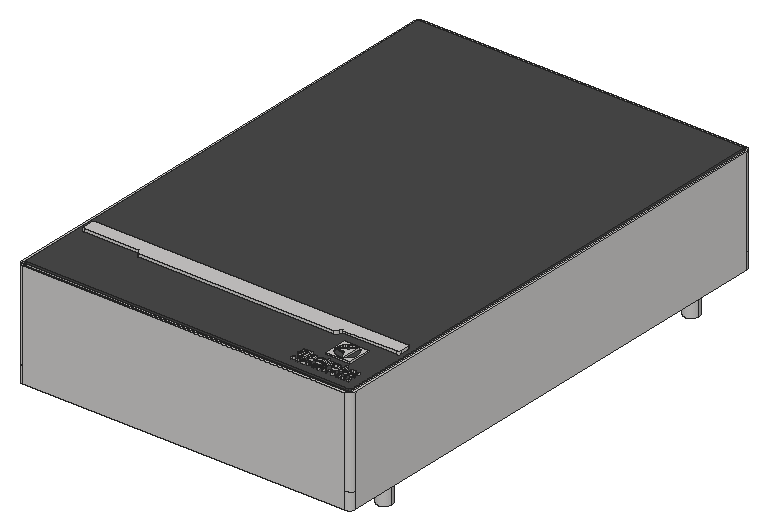
Revit family "QF_ELECTROLUXPROFESSIONAL_600883_E1HDDEOMCT", category Specialty Equipment, Revit 2018 (continued)
Definition of nested family "ELX_Logo_Professional"
  Forms (mm)
    Extrusion 2, solid
      sketch origin (-144.622, -1081.55, 0) x (-1, 0, 0) y (0, -1, 0)
        loop
          line (-146.239, -1091.065) -> (-145.452, -1092.432) -> (-144.488, -1093.693) -> (-143.367, -1094.833) -> (-142.111, -1095.838) -> (-140.741, -1096.693) -> (-139.278, -1097.383) -> (-137.743, -1097.894) -> (-136.157, -1098.211) -> (-134.541, -1098.32) -> (-131.822, -1098.32) -> (-131.976, -1096.81) -> (-132.312, -1095.353) -> (-132.818, -1093.961) -> (-133.481, -1092.644) -> (-134.291, -1091.416) -> (-135.235, -1090.288) -> (-136.302, -1089.272) -> (-137.48, -1088.379) -> (-138.757, -1087.622) -> (-140.121, -1087.012) -> (-141.56, -1086.561) -> (-143.063, -1086.281) -> (-144.633, -1086.183)
          arc (-144.633, -1086.183) -> (-145.985, -1086.264) -> (-147.323, -1086.473) r 14.39
        loop
          line (-111.329, -1069.559) -> (-111.329, -1071.073) -> (-116.048, -1071.073) -> (-116.048, -1072.896) -> (-111.328, -1072.896) -> (-111.328, -1075.549) -> (-116.349, -1075.549) -> (-116.349, -1077.368) -> (-109.396, -1077.368) -> (-109.396, -1073.46) -> (-109.396, -1069.659)
          arc (-109.396, -1069.659) -> (-110.425, -1067.175) -> (-112.909, -1066.146) r 3.513
          line (-112.909, -1066.146) -> (-116.483, -1066.146) -> (-116.483, -1067.963) -> (-112.925, -1067.963)
          arc (-112.925, -1067.963) -> (-111.797, -1068.431) -> (-111.329, -1069.559) r 1.596
        loop
          line (-119.79, -1077.358) -> (-117.856, -1077.358) -> (-117.856, -1072.053) -> (-117.856, -1066.132) -> (-119.79, -1066.132) -> (-119.79, -1072.092) -> (-119.79, -1077.358)
        loop
          line (-122.986, -1069.718) -> (-129.327, -1069.718)
          arc (-129.327, -1069.718) -> (-129.219, -1071.449) -> (-128.497, -1073.026) r 4.757
          arc (-128.497, -1073.026) -> (-125.237, -1074.5) -> (-121.978, -1073.026) r 4.34
          arc (-121.978, -1073.026) -> (-121.072, -1070.207) -> (-121.978, -1067.388) r 4.838
          arc (-121.978, -1067.388) -> (-125.393, -1065.933) -> (-128.809, -1067.388) r 4.737
          line (-128.809, -1067.388) -> (-127.645, -1068.52)
          arc (-127.645, -1068.52) -> (-125.509, -1067.576) -> (-123.374, -1068.52) r 2.888
          arc (-123.374, -1068.52) -> (-123.05, -1069.077) -> (-122.986, -1069.718) r 1.527
        loop
          arc (-127.386, -1071.076) -> (-126.67, -1072.331) -> (-125.331, -1072.872) r 2.201
          arc (-125.331, -1072.872) -> (-123.848, -1072.402) -> (-123.033, -1071.076) r 2.23
          line (-123.033, -1071.076) -> (-127.386, -1071.076)
        loop
          line (-136.862, -1071.886) -> (-138.059, -1073.132)
          arc (-138.059, -1073.132) -> (-130.327, -1070.219) -> (-138.059, -1067.306) r 4.415
          line (-138.059, -1067.306) -> (-136.862, -1068.553)
          arc (-136.862, -1068.553) -> (-132.252, -1070.22) -> (-136.862, -1071.886) r 2.606
        loop
          line (-141.192, -1069.673) -> (-141.192, -1072.494) -> (-142.951, -1072.494) -> (-142.951, -1074.25) -> (-141.195, -1074.25) -> (-141.195, -1077.358) -> (-139.262, -1077.358) -> (-139.262, -1073.332) -> (-139.262, -1069.514)
          arc (-139.262, -1069.514) -> (-140.299, -1066.92) -> (-142.98, -1066.132) r 3.196
          line (-142.98, -1066.132) -> (-142.987, -1067.949)
          arc (-142.987, -1067.949) -> (-141.652, -1068.356) -> (-141.192, -1069.673) r 1.542
        loop
          line (-146.494, -1073.042) -> (-146.494, -1074.25) -> (-144.576, -1074.25) -> (-144.576, -1070.271) -> (-144.576, -1066.132) -> (-146.494, -1066.132) -> (-146.494, -1070.401)
          arc (-146.494, -1070.401) -> (-147.446, -1072.228) -> (-149.489, -1072.494) r 2.229
          line (-149.489, -1072.494) -> (-149.489, -1074.362)
          arc (-149.489, -1074.362) -> (-147.761, -1074.226) -> (-146.494, -1073.042) r 2.627
        loop
          line (-159.833, -1072.246) -> (-159.833, -1066.131) -> (-161.767, -1066.131) -> (-161.767, -1072.17) -> (-161.767, -1077.359) -> (-159.833, -1077.359) -> (-159.833, -1072.246)
        loop
          line (-165.194, -1069.514) -> (-165.194, -1074.25) -> (-163.245, -1074.25) -> (-163.245, -1071.898) -> (-163.245, -1069.098)
          arc (-163.245, -1069.098) -> (-166.96, -1065.769) -> (-170.687, -1069.085) r 3.745
          line (-170.687, -1069.085) -> (-170.687, -1071.898) -> (-170.687, -1074.25) -> (-168.739, -1074.25) -> (-168.739, -1069.514)
          arc (-168.739, -1069.514) -> (-166.967, -1067.742) -> (-165.194, -1069.514) r 1.772
        loop
          line (-174.654, -1070.416) -> (-172.975, -1068.078) -> (-171.578, -1066.131) -> (-173.656, -1066.131) -> (-175.717, -1068.999) -> (-177.779, -1066.131) -> (-179.857, -1066.131) -> (-178, -1068.728) -> (-176.781, -1070.433) -> (-178.29, -1072.488) -> (-179.583, -1074.25) -> (-177.473, -1074.25) -> (-175.717, -1071.818) -> (-173.945, -1074.25) -> (-171.852, -1074.25) -> (-173.052, -1072.608) -> (-174.654, -1070.416)
        loop
          circle (-154.223, -1070.188) r 2.508
        loop
          circle (-154.223, -1070.188) r 4.42
        loop
          line (-110.224, -1058.542) -> (-111.194, -1058.542)
          arc (-111.194, -1058.542) -> (-112.217, -1059.95) -> (-110.924, -1061.114) r 1.3
          line (-110.924, -1061.114) -> (-109.424, -1061.114) -> (-109.424, -1057.223) -> (-110.224, -1057.223) -> (-110.224, -1058.542)
        loop
          line (-110.224, -1060.379) -> (-110.224, -1059.293) -> (-111.03, -1059.293)
          arc (-111.03, -1059.293) -> (-111.43, -1059.836) -> (-111.03, -1060.379) r 0.569
          line (-111.03, -1060.379) -> (-110.224, -1060.379)
        loop
          line (-116.302, -1058.564) -> (-117.128, -1058.564) -> (-117.934, -1057.223) -> (-118.841, -1057.223) -> (-117.833, -1058.884)
          arc (-117.833, -1058.884) -> (-118.214, -1060.282) -> (-117.028, -1061.114) r 1.26
          line (-117.028, -1061.114) -> (-115.503, -1061.114) -> (-115.503, -1057.223) -> (-116.302, -1057.223) -> (-116.302, -1058.564)
        loop
          line (-116.302, -1060.379) -> (-116.302, -1059.293) -> (-117.109, -1059.293)
          arc (-117.109, -1059.293) -> (-117.508, -1059.836) -> (-117.109, -1060.379) r 0.569
          line (-117.109, -1060.379) -> (-116.302, -1060.379)
        loop
          line (-128.923, -1057.223) -> (-129.723, -1057.223) -> (-129.723, -1058.714) -> (-131.187, -1058.714) -> (-131.187, -1059.514) -> (-129.723, -1059.514) -> (-129.723, -1060.314) -> (-131.327, -1060.314) -> (-131.327, -1061.114) -> (-128.923, -1061.114) -> (-128.923, -1057.223)
        loop
          arc (-134.628, -1058.469) -> (-134.992, -1057.588) -> (-135.874, -1057.223) r 1.246
          line (-135.874, -1057.223) -> (-137.13, -1057.223) -> (-137.13, -1058.023) -> (-135.969, -1058.023)
          arc (-135.969, -1058.023) -> (-135.53, -1058.237) -> (-135.427, -1058.714) r 0.558
          line (-135.427, -1058.714) -> (-136.984, -1058.714) -> (-136.984, -1059.514) -> (-135.427, -1059.514) -> (-135.427, -1060.314) -> (-137.092, -1060.314) -> (-137.092, -1061.114) -> (-134.628, -1061.114) -> (-134.628, -1058.469)
        loop
          line (-152.3, -1057.223) -> (-153.1, -1057.223) -> (-153.1, -1061.114) -> (-152.3, -1061.114) -> (-152.3, -1057.223)
        loop
          line (-164.67, -1057.223) -> (-164.67, -1059.67) -> (-166.45, -1057.223) -> (-167.25, -1057.223) -> (-167.25, -1061.114) -> (-166.42, -1061.114) -> (-166.42, -1058.594) -> (-164.64, -1061.114) -> (-163.84, -1061.114) -> (-163.84, -1057.223) -> (-164.67, -1057.223)
        loop
          line (-170.403, -1057.223) -> (-171.262, -1057.223) -> (-171.641, -1058.063) -> (-173.08, -1058.063) -> (-173.459, -1057.223) -> (-174.317, -1057.223) -> (-172.796, -1061.113) -> (-171.996, -1061.113) -> (-170.403, -1057.223)
        loop
          line (-177.493, -1057.223) -> (-179.789, -1057.223) -> (-179.789, -1058.023) -> (-178.293, -1058.023) -> (-178.293, -1061.114) -> (-177.493, -1061.114) -> (-177.493, -1057.223)
        loop
          line (-172.362, -1059.848) -> (-171.945, -1058.83) -> (-172.76, -1058.83) -> (-172.362, -1059.848)
        loop
          circle (-158.484, -1059.145) r 1.288
        loop
          circle (-158.484, -1059.145) r 2.065
        loop
          arc (-146.04, -1058.095) -> (-146.933, -1057.275) -> (-148.145, -1057.245) r 1.725
          arc (-148.145, -1057.245) -> (-148.965, -1058.02) -> (-148.68, -1059.111) r 1.107
          arc (-148.68, -1059.111) -> (-148.103, -1059.465) -> (-147.486, -1059.746) r 5.523
          arc (-147.486, -1059.746) -> (-147.147, -1060.262) -> (-147.708, -1060.52) r 0.407
          arc (-147.708, -1060.52) -> (-148.045, -1060.315) -> (-148.325, -1060.038) r 1.702
          line (-148.325, -1060.038) -> (-149.011, -1060.45)
          arc (-149.011, -1060.45) -> (-148.578, -1060.911) -> (-148.043, -1061.247) r 2.463
          arc (-148.043, -1061.247) -> (-146.373, -1060.466) -> (-147.42, -1058.949) r 1.207
          spline (-147.42, -1058.949) -> (-147.716, -1058.809) -> (-147.932, -1058.678) -> (-148.077, -1058.557) -> (-148.163, -1058.446) -> (-148.198, -1058.347) -> (-148.192, -1058.258) -> (-148.157, -1058.182) -> (-148.102, -1058.118) -> (-148.037, -1058.068) -> (-147.972, -1058.031) -> (-147.917, -1058.008) -> (-147.883, -1058)
          arc (-147.883, -1058) -> (-147.238, -1058.014) -> (-146.759, -1058.446) r 0.925
          line (-146.759, -1058.446) -> (-146.04, -1058.095)
        loop
          arc (-140.18, -1058.095) -> (-141.073, -1057.275) -> (-142.285, -1057.245) r 1.725
          arc (-142.285, -1057.245) -> (-143.106, -1058.02) -> (-142.821, -1059.111) r 1.107
          arc (-142.821, -1059.111) -> (-142.243, -1059.465) -> (-141.627, -1059.746) r 5.523
          arc (-141.627, -1059.746) -> (-141.287, -1060.262) -> (-141.849, -1060.52) r 0.407
          arc (-141.849, -1060.52) -> (-142.185, -1060.315) -> (-142.466, -1060.038) r 1.702
          line (-142.466, -1060.038) -> (-143.151, -1060.45)
          arc (-143.151, -1060.45) -> (-142.719, -1060.911) -> (-142.183, -1061.247) r 2.463
          arc (-142.183, -1061.247) -> (-140.513, -1060.466) -> (-141.56, -1058.949) r 1.207
          spline (-141.56, -1058.949) -> (-141.856, -1058.809) -> (-142.072, -1058.678) -> (-142.218, -1058.557) -> (-142.303, -1058.446) -> (-142.338, -1058.347) -> (-142.333, -1058.258) -> (-142.298, -1058.182) -> (-142.242, -1058.118) -> (-142.177, -1058.068) -> (-142.112, -1058.031) -> (-142.057, -1058.008) -> (-142.023, -1058)
          arc (-142.023, -1058) -> (-141.378, -1058.014) -> (-140.9, -1058.446) r 0.925
          line (-140.9, -1058.446) -> (-140.18, -1058.095)
        loop
          circle (-123.484, -1059.145) r 1.288
        loop
          circle (-123.484, -1059.145) r 2.065
      from 0 to 1.6
  Dimensions and locks
    aligned and locked: plane 2 to Extrusion 1
    aligned and locked: level to Extrusion 1
Types (2, lengths in mm): name | URL | Manufacturer | Phase | Model | Description
  (no name) | 0 | 0 | 0 | 0 | 0
  Standard | "http://professional.electrolux.com" | "Electrolux Professional" | 3 | "E1HDDEOMCT" | "PLUG-IN INDUCTION MONO ZONE COOK TOP - 3-PHASE"
